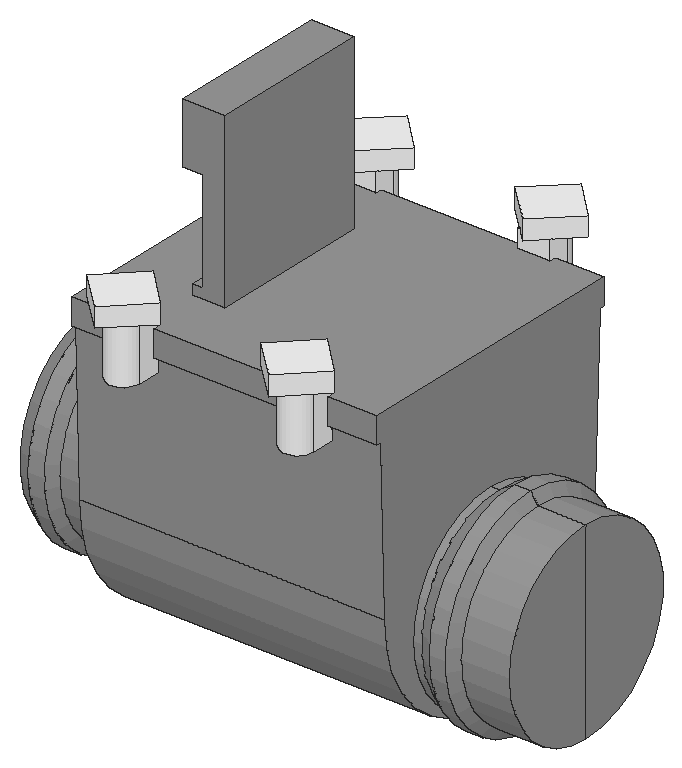
Revit family "HL_Механический канализационный затвор_HL710.1", category Příslušenství trubek, Revit 2016
Family settings
  Typ součásti = Normální
  Kóta kulaté spojky = Použít průměr
  Číslo OmniClass = 23.65.55.14.21
  Nadpis OmniClass = Non-Return Valves for Liquid Services
  Založené na pracovní rovině = Ne
  Vždy vertikální = Ano
  Ořezat dutým tvarem při načtení = Ne
  Sdílené = Ne
Parameters (values of type "HL_Механический канализационный затвор_HL710.1")
  РАЗМЕР = "DN110"
  ПРОПУСКНАЯ СПОСОБНОСТЬ [instance] = 0.0 m³/h
  ПРАВОВАЯ ИНФОРМАЦИЯ = "\"Авторские права(©), права на дизайн или какие либо другие права интелектуальной собственности являются исключительной собственностью компании HL Hutterer & Lechner. Изменению не подлежит. Файл семейства с данными о прозводителе изделия защищен паролем с водяным знаком.\""
  ПАДЕНИЕ ДАВЛЕНИЯ [instance] = 0.0 Pa
  НОМИНАЛЬНЫЙ ДИАМЕТР 2 = 110 mm
  НОМИНАЛЬНЫЙ ДИАМЕТР = 110 mm
  МАТЕРИАЛ = "ABS"
  ВЫСОТА МОНТАЖА = "320 mm"
  ВЕС = "1,747 kg"
  Výrobce = "HL Hutterer & Lechner GmbH"
  URL = "http://www.hutterer-lechner.com/ru/products/catalog/roof-drains/HL710.1.aspx"
  Popis = "Механический канализационный затвор"
  Model = "HL710.1"
  Komentáře k typům = "Механический канализационный затвор DN110 с заслонкой из нержавеющей стали и ручным затвором."
  Keynote = "HL710.1"
  EAN = "9003076971015"
  Cena = 0
Types (2, lengths in mm): name | URL | Popis | Komentáře k typům
  (no name) | "http://www.hutterer-lechner.com/en/products/catalog/roof-drains/HL710.1.aspx" | "Anti flood valves" | "anti-flood valve DN110 with stainless steel flap and manual blocking"
  HL_Механический канализационный затвор_HL710.1 | "http://www.hutterer-lechner.com/ru/products/catalog/roof-drains/HL710.1.aspx" | "Механический канализационный затвор" | "Механический канализационный затвор DN110 с заслонкой из нержавеющей стали и ручным затвором."
Values of the unnamed type that differ from the named types
  ПРАВОВАЯ ИНФОРМАЦИЯ = "\"Copyright (©), design rights or any other intellectual property rights, shall be the exclusive property of HL Hutterer & Lechner GmbH. Modification is not allowed. Family has been watermarked.\""
Reference planes
  plane 1 "Střed (vpředu/vzadu)": y = 0
  plane 2: z = 0
  plane 3 "Střed (vlevo/vpravo)": x = 0
Forms (mm)
  Sweep 1, solid, material "Plastic - Orange", detail levels fine
    path origin (99.75, -0.031, 123.14) x (1, 0, 0) y (0, 1, 0)
      loop
        line (94.75, 0) -> (-94.75, 0)
    profile origin (99.75, -0.031, 123.14) x (0, -1, 0) y (0, 0, 1)
      loop
        line (0, 0) -> (-88.191, 0) -> (-88.191, -16) -> (-85.007, -16) -> (-81.517, -115.939)
        arc (-81.517, -115.939) -> (-58.546, -174.931) -> (0, -199.017) r 80.412
        arc (0, -199.017) -> (58.546, -174.931) -> (81.517, -115.939) r 80.412
        line (81.517, -115.939) -> (85.007, -16) -> (88.191, -16) -> (88.191, 0) -> (0, 0)
  Extrusion 2, solid, material "Plactic - White", detail levels fine
    sketch origin (99.75, -0.031, 123.14) x (1, 0, 0) y (0, 1, 0)
      loop
        line (54, -121.127) -> (76.627, -98.5) -> (54, -75.873) -> (31.373, -98.5) -> (54, -121.127)
    from 11.235 to 23.235
  Extrusion 3, solid, material "Plactic - White", detail levels fine
    sketch origin (99.75, -0.031, 134.375) x (0, 1, 0) y (1, 0, 0)
      loop
        arc (-98.5, 64) -> (-108.5, 54) -> (-98.5, 44) r 10
        line (-98.5, 44) -> (-84.694, 44) -> (-84.694, 64) -> (-98.5, 64)
    from 0 to 37.235
  Extrusion 4, solid, material "Plactic - White", detail levels fine
    sketch origin (-8.25, -0.031, 123.14) x (1, 0, 0) y (0, 1, 0)
      loop
        line (54, -121.127) -> (76.627, -98.5) -> (54, -75.873) -> (31.373, -98.5) -> (54, -121.127)
    from 11.235 to 23.235
  Extrusion 5, solid, material "Plactic - White", detail levels fine
    sketch origin (-8.25, -0.031, 134.375) x (0, 1, 0) y (1, 0, 0)
      loop
        arc (-98.5, 64) -> (-108.5, 54) -> (-98.5, 44) r 10
        line (-98.5, 44) -> (-84.694, 44) -> (-84.694, 64) -> (-98.5, 64)
    from 0 to 37.235
  Extrusion 6, solid, material "Plactic - White", detail levels fine
    sketch origin (99.75, -0.031, 123.14) x (1, 0, 0) y (0, 1, 0)
      loop
        line (54, 121.127) -> (31.373, 98.5) -> (54, 75.873) -> (76.627, 98.5) -> (54, 121.127)
    from 11.235 to 23.235
  Extrusion 7, solid, material "Plactic - White", detail levels fine
    sketch origin (99.75, -0.031, 134.375) x (0, -1, 0) y (1, 0, 0)
      loop
        arc (-98.5, 64) -> (-108.5, 54) -> (-98.5, 44) r 10
        line (-98.5, 44) -> (-84.694, 44) -> (-84.694, 64) -> (-98.5, 64)
    from 0 to 37.235
  Extrusion 8, solid, material "Plactic - White", detail levels fine
    sketch origin (-8.25, -0.031, 123.14) x (1, 0, 0) y (0, 1, 0)
      loop
        line (54, 121.127) -> (31.373, 98.5) -> (54, 75.873) -> (76.627, 98.5) -> (54, 121.127)
    from 11.235 to 23.235
  Extrusion 9, solid, material "Plactic - White", detail levels fine
    sketch origin (-8.25, -0.031, 134.375) x (0, 1, 0) y (1, 0, 0)
      loop
        line (98.5, 64) -> (84.694, 64) -> (84.694, 44) -> (98.5, 44)
        arc (98.5, 44) -> (108.5, 54) -> (98.5, 64) r 10
    from 0 to 37.235
  Sweep 10, solid, material "Plastic - Orange", not visible, detail levels fine
    path origin (99.75, -0.031, 123.14) x (1, 0, 0) y (0, 0, 1)
      loop
        line (154.383, -137.5) -> (94.75, -137.5)
    profile origin (224.316, -0.031, -14.36) x (0, 0, -1) y (0, -1, 0)
      loop
        circle (0, 0) r 55
  Revolve 11, solid, material "Plastic - Orange", detail levels fine
    sketch origin (99.75, -0.031, 123.14) x (1, 0, 0) y (0, 0, 1)
      loop
        line (-149.117, -123.14) -> (-94.75, -123.14) -> (-94.75, -63.685) -> (-124.977, -63.685) -> (-129.134, -56.965) -> (-139.134, -56.965) -> (-149.117, -63.14) -> (-149.117, -123.14)
      axis (-94.75, -123.14) -> (-149.117, -123.14)
    angle from 0 to 360
  Extrusion 12, solid, material "Plastic - Red", detail levels fine
    sketch origin (102.352, 0, 123.14) x (1, 0, 0) y (0, 0, 1)
      loop
        line (-32.383, 106.5) -> (-58.883, 106.5) -> (-58.883, 69) -> (-46.383, 69) -> (-46.383, 5.902) -> (-52.472, 5.902) -> (-52.472, 0) -> (-32.383, 0) -> (-32.383, 106.5)
    from -50 to 50
  Revolve 13, solid, material "Plastic - Orange", detail levels fine
    sketch origin (348.883, -0.031, 108.78) x (1, 0, 0) y (0, 0, 1)
      loop
        line (-154.383, -123.14) -> (-94.75, -123.14) -> (-94.75, -63.685) -> (-124.977, -63.685) -> (-129.134, -56.965) -> (-139.134, -56.965) -> (-149.117, -63.14) -> (-154.383, -63.14) -> (-154.383, -123.14)
      axis (-94.75, -123.14) -> (-154.383, -123.14)
    angle from 0 to 360
Lines and regions (mm)
  symbolic lines, style "Symbol", detail levels coarse+medium
    curve 1: line (254.133, 0, 0) -> (0, 0, 0)
    curve 2: line (252.066, -60, 0) -> (252.066, 60, 0)
    curve 3: line (252.066, 60, 0) -> (2.066, 60, 0)
    curve 4: line (2.066, -60, 0) -> (2.066, 60, 0)
    curve 9: line (127.066, -105, 0) -> (127.066, 105, 0)
    curve 10: line (252.066, -60, 0) -> (2.066, -60, 0)
  model lines, style "Symbol", detail levels coarse+medium
    curve 5: line (0, 0, 1.598) -> (254.503, 0, -14.322)
    curve 6: line (252.251, 0, -66.362) -> (252.251, 0, 53.638)
    curve 7: line (252.251, 0, 53.638) -> (2.251, 0, 53.638)
    curve 8: line (2.251, 0, -66.362) -> (2.251, 0, 53.638)
    curve 13: line (252.251, 0, -66.362) -> (2.251, 0, -66.362)
  model lines, detail levels coarse+medium
    curve 11: line (127.251, 0, -6.362) -> (127.251, 0, 98.638)
    curve 12: line (127.251, 0, -111.362) -> (127.251, 0, -6.362)
Dimensions and locks
  aligned and locked: level to plane 2
Connectors
  piping at (0, 0, 0), diameter 110, driven by "ПАДЕНИЕ ДАВЛЕНИЯ", driven by "НОМИНАЛЬНЫЙ ДИАМЕТР", driven by "ПРОПУСКНАЯ СПОСОБНОСТЬ"
    settings: on plane 3 "Střed (vlevo/vpravo)", index 1, connector inside diameter 609.6 mm, connector length 0 mm, flow factor 0, pipe flow 0.0 m³/h, pressure drop 0.0 Pa, fitting loss kfactor 0, connector angle 0.00°, fixture units 0, engagement length 0 mm, angle of deflection 0.00°, flow configuration 0, flow direction 0, fitting loss method 4, system type 16, joint type 0, gender type 0, connector reference index -1, connector utility 0, adjustable connector no, is connector primary yes, connector description ""
  piping at (254.133, -0.031, -14.36), diameter 110, driven by "НОМИНАЛЬНЫЙ ДИАМЕТР 2", driven by "ПРОПУСКНАЯ СПОСОБНОСТЬ"
    settings: on Sweep 10, index 2, connector inside diameter 609.6 mm, connector length 0 mm, flow factor 0, pipe flow 0.0 m³/h, pressure drop 0.0 Pa, fitting loss kfactor 0, connector angle 0.00°, fixture units 0, engagement length 0 mm, angle of deflection 0.00°, flow configuration 1, flow direction 2, fitting loss method 4, system type 16, joint type 0, gender type 0, connector reference index -1, connector utility 0, adjustable connector no, is connector primary no, connector description ""
